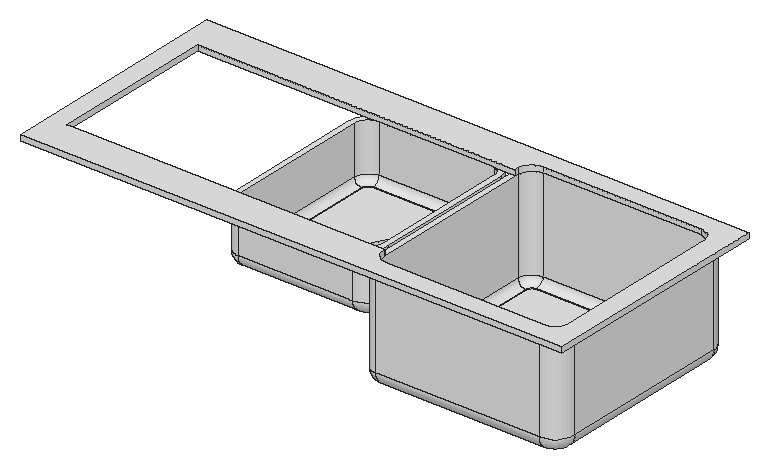
Revit family "DS-SBT-101-17", category Plumbing Fixtures, Revit 2015
Parameters
  Width = 500 mm
  URL = "seima.com.au"
  Model = "DS-SBT-101"
  Manufacturer = "SEIMA"
  Length = 1160 mm
  Default Elevation = 900 mm
Reference planes
  plane 1 "Centro (Frente/Trás)": y = 0
  plane 2: z = 0
  plane 3 "Centro (Esquerda/Direita)": x = 0
  plane 4: x = 580
  plane 5: y = 250
  plane 6: y = -250
  plane 7: x = -580
  plane 8 "1": z = -227
  plane 9: x = 540
  plane 10: x = 142
  plane 11: x = 112
  plane 12: x = -181
  plane 13: x = -540
  plane 14: y = -210
  plane 15: y = 210
  plane 16: y = 175
  plane 17: y = -175
  plane 18 "2": z = -130
  plane 19: x = 341
  plane 20: x = -34.5
  plane 21: through (-193, -4572, -12) normal (-0.0346, 0, -0.9994)
Forms (mm)
  Extrusion 1, solid, material "SEIMA_ACRYLIC"
    sketch origin (0, 0, 0) x (1, 0, 0) y (0, 1, 0)
      loop
        line (-580, 250) -> (-580, -250) -> (580, -250) -> (580, 250) -> (-580, 250)
      loop
        line (510, 210) -> (172, 210)
        arc (172, 210) -> (150.787, 201.213) -> (142, 180) r 30
        line (142, 180) -> (142, 175) -> (-540, 175) -> (-540, -175) -> (142, -175) -> (142, -180)
        arc (142, -180) -> (150.787, -201.213) -> (172, -210) r 30
        line (172, -210) -> (510, -210)
        arc (510, -210) -> (531.213, -201.213) -> (540, -180) r 30
        line (540, -180) -> (540, 180)
        arc (540, 180) -> (531.213, 201.213) -> (510, 210) r 30
    from 0 to -12
  Sweep 2, solid, material "SEIMA_ACRYLIC"
    path origin (0, 0, 0) x (1, 0, 0) y (0, 1, 0)
      loop
        arc (130, -192) -> (138.787, -213.213) -> (160, -222) r 30
        line (160, -222) -> (510, -222)
        arc (510, -222) -> (539.698, -209.698) -> (552, -180) r 42
        line (552, -180) -> (552, 192)
        arc (552, 192) -> (543.213, 213.213) -> (522, 222) r 30
        line (522, 222) -> (172, 222)
        arc (172, 222) -> (142.302, 209.698) -> (130, 180) r 42
        line (130, 180) -> (130, -192)
    profile origin (130, -6, 0) x (-1, 0, 0) y (0, 0, 1)
      loop
        line (0, -12) -> (-12, -12) -> (-12, -210)
        arc (-12, -210) -> (-16.979, -222.021) -> (-29, -227) r 17
        line (-29, -227) -> (-29, -239)
        arc (-29, -239) -> (-8.494, -230.506) -> (0, -210) r 29
        line (0, -210) -> (0, -12)
  Extrusion 3, solid, material "SEIMA_ACRYLIC"
    sketch origin (0, 0, 0) x (1, 0, 0) y (0, 1, 0)
      loop
        arc (172, 193) -> (162.808, 189.192) -> (159, 180) r 13
        line (159, 180) -> (159, -192)
        arc (159, -192) -> (159.293, -192.707) -> (160, -193) r 1
        line (160, -193) -> (510, -193)
        arc (510, -193) -> (519.192, -189.192) -> (523, -180) r 13
        line (523, -180) -> (523, 192)
        arc (523, 192) -> (522.707, 192.707) -> (522, 193) r 1
        line (522, 193) -> (172, 193)
      loop
        circle (251, 0) r 45
    from -227 to -239
  Sweep 4, solid, material "SEIMA_ACRYLIC"
    path origin (0, 0, 0) x (1, 0, 0) y (0, 1, 0)
      loop
        arc (-151, 187) -> (-180.698, 174.698) -> (-193, 145) r 42
        line (-193, 145) -> (-193, -157)
        arc (-193, -157) -> (-184.213, -178.213) -> (-163, -187) r 30
        line (-163, -187) -> (82, -187)
        arc (82, -187) -> (111.698, -174.698) -> (124, -145) r 42
        line (124, -145) -> (124, 157)
        arc (124, 157) -> (115.213, 178.213) -> (94, 187) r 30
        line (94, 187) -> (-151, 187)
    profile origin (124, 6, 0) x (1, 0, 0) y (0, 0, 1)
      loop
        line (0, -12) -> (-12, -12) -> (-12, -114)
        arc (-12, -114) -> (-16.686, -125.314) -> (-28, -130) r 16
        line (-28, -130) -> (-28, -142)
        arc (-28, -142) -> (-8.201, -133.799) -> (0, -114) r 28
        line (0, -114) -> (0, -12)
  Extrusion 5, solid, material "SEIMA_ACRYLIC"
    sketch origin (0, 0, 0) x (1, 0, 0) y (0, 1, 0)
      loop
        line (-165, 145) -> (-165, -157)
        arc (-165, -157) -> (-164.414, -158.414) -> (-163, -159) r 2
        line (-163, -159) -> (82, -159)
        arc (82, -159) -> (91.899, -154.899) -> (96, -145) r 14
        line (96, -145) -> (96, 157)
        arc (96, 157) -> (95.414, 158.414) -> (94, 159) r 2
        line (94, 159) -> (-151, 159)
        arc (-151, 159) -> (-160.899, 154.899) -> (-165, 145) r 14
      loop
        circle (10.5, 0) r 45
    from -130 to -142
Dimensions and locks
  equal spacing: plane 6, plane 1 "Centro (Frente/Trás)", plane 5
  "Width": plane 6 to plane 5
  equal spacing: plane 7, plane 3 "Centro (Esquerda/Direita)", plane 4
  "Length": plane 7 to plane 4
  level to plane 18 "2" = 130 mm
Automatic sketch dimensions
  plane 5 to Extrusion 1 sketch curve = 0 mm
  Extrusion 1 sketch curve to plane 7 = 0 mm
  Extrusion 1 sketch curve to plane 13 = 0 mm
  Extrusion 1 sketch curve to plane 10 = 0 mm  (x2)
  Extrusion 1 sketch curve to plane 4 = 0 mm
  plane 6 to Extrusion 1 sketch curve = 0 mm
  plane 17 to Extrusion 1 sketch curve = 0 mm
  plane 16 to Extrusion 1 sketch curve = 0 mm
  Sweep 2 sketch curve to plane 10 = 12 mm
  Sweep 2 sketch curve to plane 15 = 12 mm
  plane 14 to Sweep 2 sketch curve = 12 mm
  plane 9 to Sweep 2 sketch curve = 12 mm
  plane 10 to Sweep 2 sketch curve = 18 mm
  plane 10 to Sweep 2 sketch curve = 30 mm
  Sweep 2 sketch curve to plane 9 = 18 mm
  Sweep 2 sketch curve to plane 9 = 30 mm
  Extrusion 1 sketch curve to plane 16 = 5 mm  (x2)
  plane 15 to Extrusion 1 sketch curve = 0 mm
  plane 17 to Extrusion 1 sketch curve = 5 mm  (x2)
  Extrusion 1 sketch curve to plane 9 = 0 mm
  plane 14 to Extrusion 1 sketch curve = 0 mm
  plane 1 "Centro (Frente/Trás)" to Extrusion 3 sketch curve = 0 mm
  plane 19 to Extrusion 3 sketch curve = 90 mm
  plane 17 to Extrusion 3 sketch curve = 17 mm
  plane 10 to Extrusion 3 sketch curve = 18 mm
  Extrusion 3 sketch curve to plane 16 = 18 mm
  plane 10 to Extrusion 3 sketch curve = 30 mm
  Extrusion 3 sketch curve to Extrusion 3 sketch curve = 13 mm
  Extrusion 3 sketch curve to plane 9 = 18 mm
  plane 17 to Extrusion 3 sketch curve = 5 mm
  Extrusion 3 sketch curve to plane 9 = 30 mm
  Sweep 4 sketch curve to plane 12 = 12 mm
  plane 17 to Sweep 4 sketch curve = 12 mm
  Sweep 4 sketch curve to plane 16 = 12 mm
  plane 11 to Sweep 4 sketch curve = 12 mm
  plane 12 to Sweep 4 sketch curve = 18 mm
  Sweep 4 sketch curve to Sweep 4 sketch curve = 42 mm
  Sweep 4 sketch curve to plane 11 = 30 mm
  Sweep 4 sketch curve to Sweep 4 sketch curve = 30 mm
  plane 1 "Centro (Frente/Trás)" to Extrusion 5 sketch curve = 0 mm
  plane 20 to Extrusion 5 sketch curve = 45 mm
  plane 12 to Extrusion 5 sketch curve = 18 mm
  plane 12 to Extrusion 5 sketch curve = 30 mm
  Extrusion 5 sketch curve to Extrusion 5 sketch curve = 2 mm
  Extrusion 5 sketch curve to plane 11 = 30 mm
  Extrusion 5 sketch curve to plane 11 = 18 mm
  Extrusion 5 sketch curve to Extrusion 5 sketch curve = 14 mm
  Extrusion 5 sketch curve to plane 17 = 18 mm
  plane 16 to Extrusion 5 sketch curve = 18 mm
  Sweep 2 sketch curve to Sweep 2 sketch curve = 0 mm
  Sweep 2 sketch curve to level = 12 mm
  Sweep 2 sketch curve to profile plane = 0 mm
  Sweep 2 sketch curve to Sweep 2 sketch curve = 12 mm
  Sweep 2 sketch curve to Sweep 2 sketch curve = 17 mm
  Sweep 2 sketch curve to level = 210 mm
  profile plane to Sweep 4 sketch curve = 0 mm
  Sweep 4 sketch curve to Sweep 4 sketch curve = 12 mm
  Sweep 4 sketch curve to Sweep 4 sketch curve = 16 mm
  Sweep 4 sketch curve to Sweep 4 sketch curve = 102 mm
  Sweep 4 sketch curve to Sweep 4 sketch curve = 0 mm  (x2)
  Sweep 4 sketch curve to level = 142 mm
  radius of Extrusion 3 sketch curve = 45 mm
  radius of Extrusion 5 sketch curve = 45 mm
